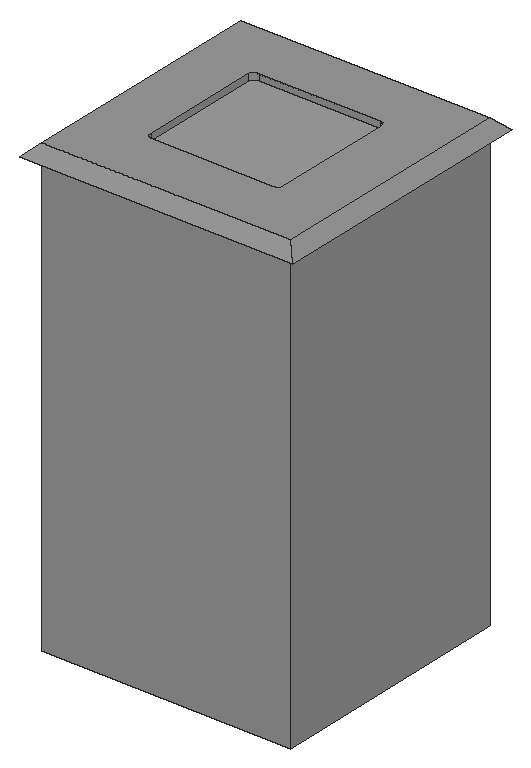
Revit family "4069209", category Lighting Fixtures, host Face, Revit 2017
Family settings
  Host = Face
  Round Connector Dimension = Use Diameter
  Part Type = Normal
  OmniClass Number = 23.80.70.00
  OmniClass Title = Lighting
  Cut with Voids When Loaded = No
  Light Source = Yes
  Shared = No
  Room Calculation Point = No
Parameters (values of type "4069209 PATHE/G/S1 NAR 63LM LED 3K")
  Width_SYL = 45 mm
  Weight = "0.238 kg"
  Wattage Comments = ""
  Wattage = 1.5 W
  WarrantyStartDate [instance] = "n/a"
  WarrantyGuarantorParts = "n/a"
  WarrantyDurationUnit = "n/a"
  WarrantyDurationParts = "n/a"
  WarrantyDescription = "n/a"
  built-in parameter 1150110 = 1 (stored number, unit not read)
  Voltage = 230 V
  URL = "http://www.sylvania-lighting.com"
  TypeName = "PATHE/GROUND/SQUARE1 NARROW 63LM LED 3K"
  Type Image = <None>
  Type Comments = "n/a"
  built-in parameter 1114217 = 1 (stored number, unit not read)
  Tilt Angle = -90.00°
  built-in parameter 1150109 = 1 (stored number, unit not read)
  built-in parameter 1150134 = (empty or 0)
  built-in parameter 1150113 = 1 (stored number, unit not read)
  SerialNumber [instance] = "n/a"
  Photometric Web File = "4069209.ies"
  Material_3_SYL = none
  PowerFactor = 0
  PowerConsumption = "1.5 W"
  NominalLength = 45 mm
  NominalHeight = 75 mm
  NominalDepth = 45 mm
  Name = "PATHE/GROUND/SQUARE1 NARROW 63LM LED 3K"
  ModelReference = Name  # "PATHE/GROUND/SQUARE1 NARROW 63LM LED 3K"
  ModelNumber = "4069209"
  Model = Name  # "PATHE/GROUND/SQUARE1 NARROW 63LM LED 3K"
  Material = "aluminium housing, uv stabilized pc polycarbonate diffuser"
  ManufacturerName = "Feilo Sylvania"
  Manufacturer = "Feilo Sylvania"
  LuminousEfficacy = "42 lm/W"
  built-in parameter 1150105 = 5.0134 (stored number, unit not read)
  Lumens = 63 lm
  LuminaireType = ""
  built-in parameter 1150115 = 1 (stored number, unit not read)
  LightOutputRatio = "100"
  built-in parameter 1150137 = (empty or 0)
  built-in parameter 1150139 = (empty or 0)
  LampsType = Lamp  # "LED"
  LampNominalLuminous = "63 lm"
  LampMacAdamStep = "n/a"
  LampColourTemperature = "3000 K"
  LampColourRenderingIndex = "80"
  built-in parameter 1150112 = 1 (stored number, unit not read)
  built-in parameter 1150114 = 1 (stored number, unit not read)
  Lamp = "LED"
  Keynote = "16500"
  InstallationDate [instance] = "n/a"
  InputVoltage = "220-240 V AC"
  InputNominalFrequency = "50/60 Hz"
  built-in parameter 1150132 = (empty or 0)
  built-in parameter 1150102 = (empty or 0)
  built-in parameter 1150107 = 3000 (stored number, unit not read)
  built-in parameter 1150138 = (empty or 0)
  IngressProtection = "IP68"
  ImpactProtectionIndex = "IK10"
  built-in parameter 1150106 = 0.050134 (stored number, unit not read)
  IfcExportType = "IfcLightFixtureType"
  IfcExportAs = "IfcLightFixtureType"
  Height_SYL = 75 mm
  HeightAboveGround_SYL = 2 mm
  Emit from Rectangle Width = DiffuserCutOut_SYL  # 22 mm
  Emit from Rectangle Length = DiffuserCutOut_SYL  # 22 mm
  Emit Shape Visible in Rendering = no
  ElectricShockClassification = "Class III"
  built-in parameter 1150104 = 3.9019 (stored number, unit not read)
  DocumentationLiterature = "http://www.sylvania-lighting.com/product/en-int/products/4069209"
  DimmingControlOptions = "Non dimmable"
  Material_2_SYL = Default
  Dimming Lamp Color Temperature Shift = <None>
  DiffuserCutOut_SYL = 22 mm
  Description = "Square recessed ground luminaireCorrosion resistant die-cast aluminium, 63lm, 1.5W, 42lm/W, 3000K, CRI80+, 17°, non dimmable, IP68, IK10, (HxWxD) 45x45x75mm, 3 step MacAdam ellipse, Class III, 12-24V-DC, A++ A+ A"
  Default Elevation = 1219.2 mm
  CreatedOn = "1/21/2020"
  CreatedBy = "@sylvania-lighting.com"
  Cost = 0
  Color Filter = 16777215
  built-in parameter 1114216 [instance] = (empty or 0)
  ClassificationValue = "EF_70_80"
  ClassificationName = "Uniclass2015"
  Material_1_SYL = Aluminum
  ChamferWidth_SYL = HeightAboveGround_SYL  # 2 mm
  BarCode [instance] = "n/a"
  built-in parameter 1114218 = 1 (stored number, unit not read)
  built-in parameter 1150133 = 10 (stored number, unit not read)
  AssetType = "Fixed"
  AssetIdentifier [instance] = "n/a"
  Assembly Code = "D5020200"
  Apparent Load = 1.5 VA
  Material_4_SYL = none
Reference planes
  plane 1 "Center (Front/Back)": y = 0
  plane 2: z = 0
  plane 3 "Center (Left/Right)": x = 0
  plane 4: x = 22.5
  plane 5: x = -22.5
  plane 6: y = 22.5
  plane 7: y = -22.5
  plane 8: x = -11
  plane 9: x = 11
  plane 10: y = 11
  plane 11: y = -11
  plane 12: z = 2
  plane 13: x = -20.5
  plane 14: y = 20.5
  plane 15: x = 20.5
  plane 16: y = -20.5
  plane 17: z = -73
  plane 18: z = 1
Forms (mm)
  Extrusion 1, void
    sketch origin (0, 0, 0) x (1, 0, 0) y (0, 1, 0)
      loop
        line (-20.5, 20.5) -> (-20.5, -20.5) -> (20.5, -20.5) -> (20.5, 20.5) -> (-20.5, 20.5)
    from 0 to -73
  Blend 2, solid, material "Aluminum" <- "Material_1_SYL"
    base sketch origin (0, 0, 0) x (1, 0, 0) y (0, 1, 0)
      loop
        line (-22.5, 22.5) -> (-22.5, -22.5) -> (22.5, -22.5) -> (22.5, 22.5) -> (-22.5, 22.5)
    top sketch origin (0, 0, 0) x (1, 0, 0) y (0, 1, 0)
      loop
        line (-20.5, 20.5) -> (-20.5, -20.5) -> (20.5, -20.5) -> (20.5, 20.5) -> (-20.5, 20.5)
    from 0 to 2
  Extrusion 3, void
    sketch origin (0, 0, 0) x (1, 0, 0) y (0, 1, 0)
      loop
        arc (-10, 11) -> (-10.707, 10.707) -> (-11, 10) r 1
        line (-11, 10) -> (-11, -10)
        arc (-11, -10) -> (-10.707, -10.707) -> (-10, -11) r 1
        line (-10, -11) -> (10, -11)
        arc (10, -11) -> (10.707, -10.707) -> (11, -10) r 1
        line (11, -10) -> (11, 10)
        arc (11, 10) -> (10.707, 10.707) -> (10, 11) r 1
        line (10, 11) -> (-10, 11)
    from 0 to 2
  Extrusion 4, solid, material "Default" <- "Material_2_SYL"
    sketch origin (0, 0, 0) x (1, 0, 0) y (0, 1, 0)
      loop
        line (11, -10) -> (11, 10)
        arc (11, 10) -> (10.707, 10.707) -> (10, 11) r 1
        line (10, 11) -> (-10, 11)
        arc (-10, 11) -> (-10.707, 10.707) -> (-11, 10) r 1
        line (-11, 10) -> (-11, -10)
        arc (-11, -10) -> (-10.707, -10.707) -> (-10, -11) r 1
        line (-10, -11) -> (10, -11)
        arc (10, -11) -> (10.707, -10.707) -> (11, -10) r 1
    from 0 to 1
  Extrusion 5, solid, material "Aluminum" <- "Material_1_SYL"
    sketch origin (0, 0, 0) x (1, 0, 0) y (0, 1, 0)
      loop
        line (-20.5, 20.5) -> (-20.5, -20.5) -> (20.5, -20.5) -> (20.5, 20.5) -> (-20.5, 20.5)
    from 0 to -73
Cuts and joins
  Extrusion 3 cuts Blend 2
Dimensions and locks
  equal spacing: host sketch curve, plane 3 "Center (Left/Right)", host sketch curve
  equal spacing: host sketch curve, plane 1 "Center (Front/Back)", host sketch curve
  locked: host sketch curve to host sketch curve at 600  (x2)
  equal spacing: plane 5, plane 3 "Center (Left/Right)", plane 4
  "Width_SYL": plane 5 to plane 4
  equal spacing: plane 7, plane 1 "Center (Front/Back)", plane 6
  "Width_SYL": plane 7 to plane 6
  equal spacing: plane 8, plane 3 "Center (Left/Right)", plane 9
  "DiffuserCutOut_SYL": plane 8 to plane 9
  equal spacing: plane 11, plane 1 "Center (Front/Back)", plane 10
  "DiffuserCutOut_SYL": plane 11 to plane 10
  "HeightAboveGround_SYL": plane 12 to plane 2
  equal spacing: plane 13, plane 3 "Center (Left/Right)", plane 15
  "ChamferWidth_SYL": plane 5 to plane 13
  equal spacing: plane 16, plane 1 "Center (Front/Back)", plane 14
  "ChamferWidth_SYL": plane 14 to plane 6
  "Height_SYL": plane 12 to plane 17
  locked: plane 12 to plane 18 at 1
  aligned and locked: plane 2 to host face
  aligned and locked: level to host face
  aligned and locked: plane 14 to Extrusion 1 sketch curve
  aligned and locked: plane 13 to Extrusion 1 sketch curve
  aligned and locked: Extrusion 1 sketch curve to plane 16
  aligned and locked: Extrusion 1 sketch curve to plane 15
  aligned and locked: plane 17 to Extrusion 1
  aligned and locked: level to Extrusion 1
  aligned and locked: plane 6 to Blend 2 sketch curve
  aligned and locked: plane 5 to Blend 2 sketch curve
  aligned and locked: Blend 2 sketch curve to plane 7
  aligned and locked: Blend 2 sketch curve to plane 4
  aligned and locked: plane 14 to Blend 2 sketch curve
  aligned and locked: plane 13 to Blend 2 sketch curve
  aligned and locked: Blend 2 sketch curve to plane 16
  aligned and locked: Blend 2 sketch curve to plane 15
  aligned and locked: Blend 2 to plane 12
  aligned and locked: Blend 2 to level
  aligned and locked: plane 10 to Extrusion 3 sketch curve
  aligned and locked: plane 8 to Extrusion 3 sketch curve
  aligned and locked: Extrusion 3 sketch curve to plane 11
  aligned and locked: Extrusion 3 sketch curve to plane 9
  aligned and locked: Extrusion 3 to plane 12
  aligned and locked: Extrusion 3 to level
  aligned and locked: Extrusion 4 sketch curve to cut or joined group of Blend 2, Extrusion 3  (x4)
  aligned and locked: Extrusion 4 to plane 18
  aligned and locked: Extrusion 4 to level
  aligned and locked: Extrusion 5 sketch curve to cut or joined group of Blend 2, Extrusion 3  (x4)
  aligned and locked: level to Extrusion 5
  aligned and locked: plane 17 to Extrusion 5
Automatic sketch dimensions
  plane 8 to Extrusion 3 sketch curve = 1 mm  (x2)
  Extrusion 3 sketch curve to plane 9 = 1 mm  (x2)
Connectors
  electrical at (0, 0, -73), driven by "PowerFactor", driven by "Apparent Load", driven by "Voltage"
    settings: on Extrusion 5, index 1, voltage 230 V, apparent load 0 VA, apparent load phase1 1.5 VA, apparent load phase2 0 VA, apparent load phase3 0 VA, power factor 0, load classification "Other", number of poles 1, system type 31, power factor state 1, is connector primary yes, connector utility no, sub classification motor no, connector description ""
